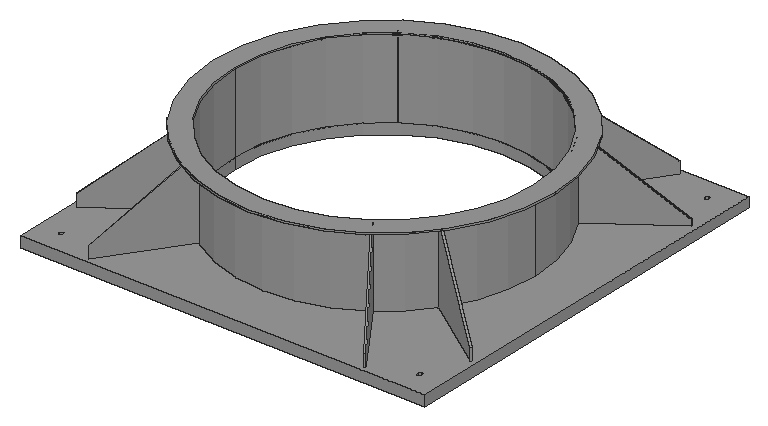
Revit family "PK-AF", category Duct Accessories, Revit 2021
Family settings
  Round Connector Dimension = Use Diameter
  Part Type = Attaches To
  Work Plane-Based = No
  Always vertical = Yes
  Cut with Voids When Loaded = No
  Shared = No
Parameters (values of type "PK-AF-1120")
  Width = Length  # 1510 mm
  Weight = 91.30 kg
  M = 52 mm
  Load Classification = "HVAC"
  Length = B  # 1510 mm
  Height = H  # 340 mm
  Diameter = Dy  # 1120 mm
  Default Elevation = 0 mm
  Manufacturer = "BLAUBERG"  # constant formula
  h = 40 mm
  URL = ""
  Maintenance zone material = none
  H = 340 mm
  Dy = 1120 mm
  D2 = 1270 mm
  Dn = Dy + 10 mm  # 1130 mm
  Casing Material = Metal, painted, grey, matt RAL 7040
  B = 1510 mm
  A = 1340 mm
  K = (B - Dn) / 2 + (0.1 * Dn) + 30 mm  # 333 mm
  k = Dn / 2  # 565 mm
  09_System_Name [instance] = ""
  00_20_Type = "PK-AF-1120"
  00_20_Name = "Roof adapter"  # constant formula
  00_20_Manufacturer = "BLAUBERG"  # constant formula
Types (12, lengths in mm): name | Width | Weight | Length | Height | Diameter | h | H | Dy | D2 | Dn | B | A | K | k | 00_20_Type
  (no name) | 1510 | 91.30 kg | 1510 | 340 | 1120 | 40 | 340 | 1120 | 1270 | 1130 | 1510 | 1340 | 333 | 565 | "PK-AF-1120"
  PK-AF-400 | 701 | 17.50 kg | 701 | 170 | 400 | 20 | 170 | 400 | 490 | 410 | 701 | 580 | 216.5 | 205 | "PK-AF-400"
  PK-AF-450 | 701 | 16.50 kg | 701 | 170 | 450 | 20 | 170 | 450 | 540 | 460 | 701 | 580 | 196.5 | 230 | "PK-AF-450"
  PK-AF-1250 | 1700 | 107.00 kg | 1700 | 340 | 1250 | 40 | 340 | 1250 | 1400 | 1260 | 1700 | 1500 | 376 | 630 | "PK-AF-1250"
  PK-AF-1120 | 1510 | 91.30 kg | 1510 | 340 | 1120 | 40 | 340 | 1120 | 1270 | 1130 | 1510 | 1340 | 333 | 565 | "PK-AF-1120"
  PK-AF-500 | 770 | 20.30 kg | 770 | 170 | 500 | 20 | 170 | 500 | 600 | 510 | 770 | 640 | 211 | 255 | "PK-AF-500"
  PK-AF-560 | 920 | 27.20 kg | 920 | 170 | 560 | 20 | 170 | 560 | 660 | 570 | 920 | 750 | 262 | 285 | "PK-AF-560"
  PK-AF-630 | 920 | 25.50 kg | 920 | 170 | 630 | 20 | 170 | 630 | 730 | 640 | 920 | 750 | 234 | 320 | "PK-AF-630"
  PK-AF-710 | 1150 | 53.00 kg | 1150 | 290 | 710 | 40 | 290 | 710 | 810 | 720 | 1150 | 980 | 317 | 360 | "PK-AF-710"
  PK-AF-800 | 1150 | 51.10 kg | 1150 | 290 | 800 | 40 | 290 | 800 | 900 | 810 | 1150 | 980 | 281 | 405 | "PK-AF-800"
  PK-AF-900 | 1220 | 54.50 kg | 1220 | 290 | 900 | 40 | 290 | 900 | 1015 | 910 | 1220 | 1050 | 276 | 455 | "PK-AF-900"
  PK-AF-1000 | 1510 | 93.40 kg | 1510 | 340 | 1000 | 40 | 340 | 1000 | 1115 | 1010 | 1510 | 1340 | 381 | 505 | "PK-AF-1000"
Reference planes
  plane 1 "По центру (Вперед/Назад)": y = 0
  plane 2: z = 0
  plane 3 "По центру (Влево/Вправо)": x = 0
  plane 4: y = 755
  plane 5: y = -755
  plane 6: x = 755
  plane 7: x = -755
  plane 8: z = 340
  plane 9: x = -670
  plane 10: x = 670
  plane 11: y = -670
  plane 12: y = 670
  plane 13: x = -565
  plane 14: x = 565
  plane 15 "55": through (0, 0, 1200) normal (-0.5736, 0.8192, 0)
  plane 16 "325": through (0, 0, 165) normal (0.8192, 0.5736, 0)
  plane 17 "35": through (0, 0, 1200) normal (-0.8192, 0.5736, 0)
  plane 18 "305": through (0, 0, 20) normal (-0.5736, -0.8192, 0)
Forms (mm)
  Extrusion 1, solid, material "Metal, painted, grey, matt RAL 7040" <- "Casing Material"
    sketch origin (0, 0, 0) x (1, 0, 0) y (0, 1, 0)
      loop
        line (-755, 755) -> (-755, -755) -> (755, -755) -> (755, 755) -> (-755, 755)
      loop
        circle (0, 0) r 560
      loop
        circle (-670, 670) r 8.5
      loop
        circle (670, 670) r 8.5
      loop
        circle (670, -670) r 8.5
      loop
        circle (-670, -670) r 8.5
    from 0 to 40
  Extrusion 2, solid, material "Metal, painted, grey, matt RAL 7040" <- "Casing Material"
    sketch origin (0, 0, 0) x (1, 0, 0) y (0, 1, 0)
      loop
        circle (0, 0) r 565
      loop
        circle (0, 0) r 560
    from 40 <- "h" to 335
  Extrusion 3, solid, material "Metal, painted, grey, matt RAL 7040" <- "Casing Material"
    sketch origin (0, 0, 0) x (1, 0, 0) y (0, 1, 0)
      loop
        circle (0, 0) r 635
      loop
        circle (0, 0) r 560
    from 335 to 340
  Extrusion 4, solid, material "Metal, painted, grey, matt RAL 7040" <- "Casing Material"
    sketch origin (-2.196, -1.537, -14.136) x (-0.819152, -0.573576, 0) y (0, 0, 1)
      loop
        line (574.84, 349.136) -> (562.319, 349.136) -> (562.319, 54.136) -> (895.319, 54.136) -> (895.319, 97.085) -> (574.84, 349.136)
    from -2.5 to 2.5
  Extrusion 5, solid, material "Metal, painted, grey, matt RAL 7040" <- "Casing Material"
    sketch origin (2.196, 1.537, -14.136) x (0.819152, 0.573576, 0) y (0, 0, -1)
      loop
        line (574.84, -349.136) -> (895.319, -77.085) -> (895.319, -54.136) -> (562.319, -54.136) -> (562.319, -349.136) -> (574.84, -349.136)
    from -2.5 to 2.5
  Extrusion 6, solid, material "Metal, painted, grey, matt RAL 7040" <- "Casing Material"
    sketch origin (0, 0, 0) x (-0.573576, -0.819152, 0) y (0, 0, 1)
      loop
        line (-577.52, 335) -> (-898, 82.949) -> (-898, 40) -> (-565, 40) -> (-565, 335) -> (-577.52, 335)
    from -2.5 to 2.5
  Extrusion 7, solid, material "Metal, painted, grey, matt RAL 7040" <- "Casing Material"
    sketch origin (0, 0, 0) x (0.573576, 0.819152, 0) y (0, 0, -1)
      loop
        line (-577.52, -335) -> (-565, -335) -> (-565, -40) -> (-898, -40) -> (-898, -82.949) -> (-577.52, -335)
    from -2.5 to 2.5
  Extrusion 8, solid, material "Metal, painted, grey, matt RAL 7040" <- "Casing Material"
    sketch origin (0, 0, 0) x (0, 0, 1) y (0.573576, -0.819152, 0)
      loop
        line (335, 577.52) -> (82.949, 898) -> (40, 898) -> (40, 565) -> (335, 565) -> (335, 577.52)
      loop
        line (335, -577.52) -> (335, -565) -> (40, -565) -> (40, -898) -> (82.949, -898) -> (335, -577.52)
    from -2.5 to 2.5
  Extrusion 9, solid, material "Metal, painted, grey, matt RAL 7040" <- "Casing Material"
    sketch origin (0, 0, 0) x (0, 0, -1) y (0.819152, -0.573576, 0)
      loop
        line (-335, 577.52) -> (-335, 565) -> (-40, 565) -> (-40, 898) -> (-82.949, 898) -> (-335, 577.52)
      loop
        line (-335, -577.52) -> (-82.949, -898) -> (-40, -898) -> (-40, -565) -> (-335, -565) -> (-335, -577.52)
    from -2.5 to 2.5
Dimensions and locks
  equal spacing: plane 7, plane 3 "По центру (Влево/Вправо)", plane 6
  equal spacing: plane 4, plane 1 "По центру (Вперед/Назад)", plane 5
  "B": plane 7 to plane 6
  "B": plane 4 to plane 5
  "h": level to Extrusion 1
  "H": level to plane 8
  locked: Extrusion 3 to plane 8 at 5
  equal spacing: plane 9, plane 3 "По центру (Влево/Вправо)", plane 10
  "A": plane 9 to plane 10
  equal spacing: plane 12, plane 1 "По центру (Вперед/Назад)", plane 11
  "A": plane 12 to plane 11
  equal spacing: plane 13, plane 3 "По центру (Влево/Вправо)", plane 14
  "Dn": plane 13 to plane 14
  "k": Extrusion 4 sketch curve to plane 16 "325"
  "k": plane 16 "325" to Extrusion 5 sketch curve
  "k": plane 18 "305" to Extrusion 6 sketch curve
  "K": Extrusion 6 sketch curve to Extrusion 6 sketch curve
  "K": Extrusion 5 sketch curve to Extrusion 5 sketch curve
  "K": Extrusion 4 sketch curve to Extrusion 4 sketch curve
  "K": Extrusion 7 sketch curve to Extrusion 7 sketch curve
  "k": Extrusion 7 sketch curve to plane 18 "305"
  "k": plane 15 "55" to Extrusion 8 sketch curve
  "K": Extrusion 8 sketch curve to Extrusion 8 sketch curve  (x2)
  "k": Extrusion 8 sketch curve to plane 15 "55"
  "K": Extrusion 9 sketch curve to Extrusion 9 sketch curve  (x2)
  "k": Extrusion 9 sketch curve to plane 17 "35"
  "k": plane 17 "35" to Extrusion 9 sketch curve
  "Dy": diameter of Extrusion 1 sketch curve
  "Dn": diameter of Extrusion 2 sketch curve
  "Dy": diameter of Extrusion 2 sketch curve
  "Dy": diameter of Extrusion 3 sketch curve
  "D2": diameter of Extrusion 3 sketch curve
  aligned and locked: level to plane 2
  aligned and locked: Extrusion 1 sketch curve to plane 4
  aligned and locked: plane 7 to Extrusion 1 sketch curve
  aligned and locked: plane 5 to Extrusion 1 sketch curve
  aligned and locked: Extrusion 1 sketch curve to plane 6
  aligned and locked: plane 8 to Extrusion 3
  aligned and locked: Extrusion 2 to Extrusion 3
  aligned and locked: Extrusion 4 sketch curve to Extrusion 1
  aligned and locked: Extrusion 4 sketch curve to Extrusion 3
  aligned and locked: Extrusion 1 to Extrusion 6 sketch curve
  aligned and locked: Extrusion 3 to Extrusion 6 sketch curve
  aligned and locked: Extrusion 1 to Extrusion 5 sketch curve
  aligned and locked: Extrusion 3 to Extrusion 5 sketch curve
  aligned and locked: Extrusion 7 sketch curve to Extrusion 1
  aligned and locked: Extrusion 7 sketch curve to Extrusion 3
  aligned and locked: Extrusion 3 to Extrusion 8 sketch curve
  aligned and locked: Extrusion 1 to Extrusion 8 sketch curve
  aligned and locked: Extrusion 8 sketch curve to Extrusion 1
  aligned and locked: Extrusion 8 sketch curve to Extrusion 3
  aligned and locked: Extrusion 9 sketch curve to Extrusion 3
  aligned and locked: Extrusion 9 sketch curve to Extrusion 1
  aligned and locked: Extrusion 3 to Extrusion 9 sketch curve
  aligned and locked: Extrusion 1 to Extrusion 9 sketch curve
Automatic sketch dimensions
  Extrusion 1 sketch curve to plane 9 = 0 mm  (x2)
  plane 1 "По центру (Вперед/Назад)" to Extrusion 1 sketch curve = 0 mm
  Extrusion 1 sketch curve to plane 3 "По центру (Влево/Вправо)" = 0 mm
  Extrusion 1 sketch curve to plane 10 = 0 mm  (x2)
  Extrusion 1 sketch curve to plane 11 = 0 mm  (x2)
  Extrusion 1 sketch curve to plane 12 = 0 mm  (x2)
  Extrusion 2 sketch curve to Extrusion 2 sketch curve = 0 mm  (x2)
  plane 1 "По центру (Вперед/Назад)" to Extrusion 2 sketch curve = 0 mm
  Extrusion 2 sketch curve to plane 3 "По центру (Влево/Вправо)" = 0 mm
  Extrusion 3 sketch curve to Extrusion 3 sketch curve = 0 mm  (x2)
  plane 1 "По центру (Вперед/Назад)" to Extrusion 3 sketch curve = 0 mm
  Extrusion 3 sketch curve to plane 3 "По центру (Влево/Вправо)" = 0 mm
  Extrusion 4 sketch curve to Extrusion 4 sketch curve = 12.52 mm
  Extrusion 4 sketch curve to Extrusion 4 sketch curve = 42.949 mm
  Extrusion 5 sketch curve to Extrusion 5 sketch curve = 12.52 mm
  Extrusion 5 sketch curve to Extrusion 5 sketch curve = 22.949 mm
  Extrusion 6 sketch curve to Extrusion 6 sketch curve = 12.52 mm
  Extrusion 6 sketch curve to Extrusion 6 sketch curve = 42.949 mm
  Extrusion 7 sketch curve to Extrusion 7 sketch curve = 12.52 mm
  Extrusion 7 sketch curve to Extrusion 7 sketch curve = 42.949 mm
  Extrusion 8 sketch curve to Extrusion 8 sketch curve = 42.949 mm  (x2)
  Extrusion 8 sketch curve to Extrusion 8 sketch curve = 12.52 mm  (x2)
  Extrusion 9 sketch curve to Extrusion 9 sketch curve = 42.949 mm  (x2)
  Extrusion 9 sketch curve to Extrusion 9 sketch curve = 12.52 mm  (x2)
  radius of Extrusion 1 sketch curve = 8.5 mm  (x4)
